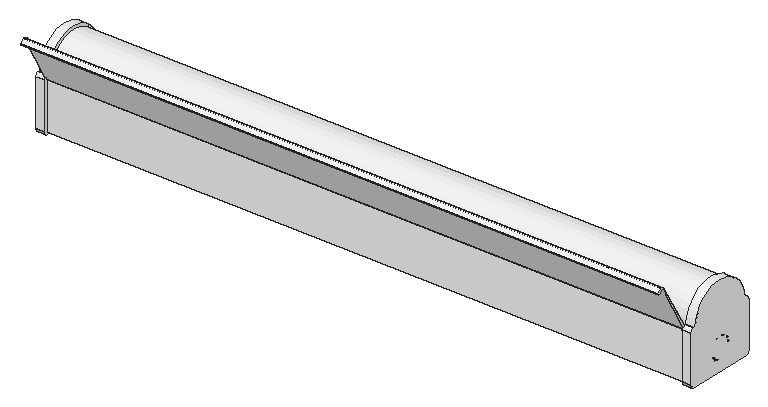
Revit family "0045195+0045232 Feilo Sylvania Lighting Fixture SYLBATTEN LED2 6000K DALI TP5 with ASYMMETRIC REFLECTOR ACCESSORY 600MM", category Lighting Fixtures, host Face, Revit 2017
Family settings
  Host = Face
  Round Connector Dimension = Use Diameter
  Part Type = Normal
  OmniClass Number = 23.80.70.00
  OmniClass Title = Lighting
  Cut with Voids When Loaded = No
  Light Source = Yes
  Shared = No
  Room Calculation Point = No
Parameters (values of type "0045195 SYLBATTEN LED2 6000K DALI TP5")
  Width_FEILO = 66 mm
  Weight = "1.5 kg"
  Wattage Comments = "n/a"
  Wattage = 22 W
  WarrantyStartDate [instance] = "n/a"
  WarrantyGuarantorParts = "n/a"
  WarrantyDurationUnit = "n/a"
  WarrantyDurationParts = "n/a"
  WarrantyDescription = "n/a"
  built-in parameter 1150110 = 1 (stored number, unit not read)
  Voltage = 230 V
  URL = "http://www.sylvania-lighting.com"
  TypeName = "SYLBATTEN LED2 6000K DALI TP5"
  Type Image = <None>
  Type Comments = "n/a"
  built-in parameter 1114217 = 1 (stored number, unit not read)
  Tilt Angle = -90.00°
  built-in parameter 1150109 = 1 (stored number, unit not read)
  built-in parameter 1150134 = 5
  SymReflector_FEILO = no
  built-in parameter 1150113 = 1 (stored number, unit not read)
  SerialNumber [instance] = "n/a"
  PowerFactor = 0
  PowerConsumption = "22 W"
  Photometric Web File = "0045195+0045232.ies"
  NominalLength = 605 mm
  NominalHeight = 76 mm
  NominalDepth = 66 mm
  Name = "SYLBATTEN LED2 6000K DALI TP5"
  ModelReference = Name  # "SYLBATTEN LED2 6000K DALI TP5"
  ModelNumber = "0045195"
  Model = Name  # "SYLBATTEN LED2 6000K DALI TP5"
  Material_4_FEILO = Reflector-Sylvania-Sylbatten-White
  Material_3_FEILO = Diffuser-Sylvania-Sylbatten-Glow
  Material_2_FEILO = Body-Sylvania-Sylbatten-White
  Material_1_FEILO = Body-Sylvania-Sylbatten-White
  Material = "sheet steel housing, polycarbonate diffuser"
  ManufacturerName = "Feilo Sylvania"
  Manufacturer = "Feilo Sylvania"
  LuminousEfficacy = "110.5 lm/W"
  built-in parameter 1150105 = 193.61 (stored number, unit not read)
  Lumens = 2432.98 lm
  LuminaireType = ""
  built-in parameter 1150115 = 1 (stored number, unit not read)
  LightOutputRatio = "100"
  built-in parameter 1150137 = (empty or 0)
  built-in parameter 1150139 = (empty or 0)
  Length_FEILO = 605 mm
  LampsType = Lamp  # "LED"
  LampNominalLuminous = "2433 lm"
  LampMacAdamStep = "n/a"
  LampColourTemperature = "6000 K"
  LampColourRenderingIndex = "80"
  built-in parameter 1150112 = 1 (stored number, unit not read)
  built-in parameter 1150114 = 1 (stored number, unit not read)
  Lamp = "LED"
  Keynote = "16500"
  InstallationDate [instance] = "n/a"
  InputVoltage = "220-240V~"
  InputNominalFrequency = "n/a"
  built-in parameter 1150132 = (empty or 0)
  built-in parameter 1150102 = (empty or 0)
  built-in parameter 1150107 = 6000 (stored number, unit not read)
  built-in parameter 1150138 = (empty or 0)
  IngressProtection = "IP20"
  ImpactProtectionIndex = "IK07"
  built-in parameter 1150106 = 1.9361 (stored number, unit not read)
  IfcExportType = "IfcLightFixtureType"
  IfcExportAs = "IfcLightFixtureType"
  Height_FEILO = 76 mm
  ExpectedLife = 50000
  Emit from Rectangle Width = Length_FEILO - 16 mm  # 589 mm
  Emit from Rectangle Length = Width_FEILO - 40 mm  # 26 mm
  Emit Shape Visible in Rendering = no
  ElectricShockClassification = "Class I"
  built-in parameter 1150104 = 10.274 (stored number, unit not read)
  DurationUnit = "hours"
  DocumentationLiterature = "http://www.sylvania-lighting.com/product/en-int/products/0045195"
  DimmingControlOptions = "Dimmable"
  Dimming Lamp Color Temperature Shift = <None>
  Description = "LED batten, T8 replacement, ease of installation through 2 part push-in design of the housing (safety cable included), through wiring capability (TP5 = 5 core), sheet steel, 2435LM, 22W, 111lm/W, 6000K, drive current: 350mA, CRI 80, 138° wide beam angle, DALI dimmable, IP20, IK07, 50,000 hrs (L70), (LxWxH) 605x66x76mm, 5 step MacAdam ellipse, 1.8kg, white RAL 9016, Class 1, 220-240V, energy class: A++, A+, A."
  Default Elevation = 1219.2 mm
  CreatedOn = "2/22/2018"
  CreatedBy = ""
  Cost = 0
  Color Filter = 16777215
  built-in parameter 1114216 [instance] = (empty or 0)
  ClassificationValue = "EF_70_80"
  ClassificationName = "Uniclass2015"
  CapOffset_FEILO = 2 mm
  BarCode [instance] = "n/a"
  built-in parameter 1114218 = 1 (stored number, unit not read)
  BackReflector_FEILO = and(not(AsymReflector_FEILO), SymReflector_FEILO)  # no
  built-in parameter 1150133 = 10 (stored number, unit not read)
  FrontReflector_FEILO = or(AsymReflector_FEILO, SymReflector_FEILO)  # yes
  AsymReflector_FEILO = yes
  AssetType = "Fixed"
  AssetIdentifier [instance] = "n/a"
  Assembly Code = "D5020200"
  Apparent Load = 22 VA
Reference planes
  plane 1 "Center (Front/Back)": y = 0
  plane 2: z = 0
  plane 3 "Center (Left/Right)": x = 0
  plane 4: x = 302.5
  plane 5: x = -302.5
  plane 6: y = 33
  plane 7: y = -33
  plane 8: z = 76
  plane 9: z = 47
  plane 10: y = -29
  plane 11: y = 29
  plane 12: z = 20
  plane 13: z = 74
  plane 14: y = -31
  plane 15: y = -27
  plane 16: y = 27
  plane 17: y = 31
  plane 18: z = 2
  plane 19: x = -294.5
  plane 20: x = 294.5
  plane 21: z = 49
  plane 22: y = 1
  plane 23: y = -1
  plane 24: z = 21
  plane 25: z = 19
  plane 26: y = -61
  plane 27: y = 61
  plane 28: y = -56
  plane 29: y = 56
  plane 30: z = 91
  plane 31: z = 88
Forms (mm)
  Extrusion 1, solid, material "Body-Sylvania-Sylbatten-White" <- "Material_2_FEILO"
    sketch origin (0, 0, 0) x (0, 1, 0) y (0, 0, 1)
      loop
        line (-31, 2) -> (31, 2) -> (31, 45)
        arc (31, 45) -> (30.414, 46.414) -> (29, 47) r 2
        line (29, 47) -> (27, 47)
        arc (27, 47) -> (0, 74) -> (-27, 47) r 27
        line (-27, 47) -> (-29, 47)
        arc (-29, 47) -> (-30.414, 46.414) -> (-31, 45) r 2
        line (-31, 45) -> (-31, 2)
    from -294.5 to 294.5
  Extrusion 2, solid, material "Body-Sylvania-Sylbatten-White" <- "Material_2_FEILO"
    sketch origin (302.5, 1524, 1219.2) x (0, 1, 0) y (0, 0, 1)
      loop
        arc (-1494, -1219.2) -> (-1491.879, -1218.321) -> (-1491, -1216.2) r 3
        line (-1491, -1216.2) -> (-1491, -1173.2)
        arc (-1491, -1173.2) -> (-1491.879, -1171.079) -> (-1494, -1170.2) r 3
        line (-1494, -1170.2) -> (-1495.069, -1170.2)
        arc (-1495.069, -1170.2) -> (-1524, -1143.2) -> (-1552.931, -1170.2) r 29
        line (-1552.931, -1170.2) -> (-1554, -1170.2)
        arc (-1554, -1170.2) -> (-1556.121, -1171.079) -> (-1557, -1173.2) r 3
        line (-1557, -1173.2) -> (-1557, -1216.2)
        arc (-1557, -1216.2) -> (-1556.121, -1218.321) -> (-1554, -1219.2) r 3
        line (-1554, -1219.2) -> (-1494, -1219.2)
      loop
        arc (-1525, -1189.25) -> (-1531.071, -1192.129) -> (-1533.95, -1198.2) r 10
        line (-1533.95, -1198.2) -> (-1532.944, -1198.2)
        arc (-1532.944, -1198.2) -> (-1530.364, -1192.836) -> (-1525, -1190.256) r 9
        line (-1525, -1190.256) -> (-1525, -1189.25)
      loop
        arc (-1523, -1190.256) -> (-1517.636, -1192.836) -> (-1515.056, -1198.2) r 9
        line (-1515.056, -1198.2) -> (-1514.05, -1198.2)
        arc (-1514.05, -1198.2) -> (-1516.929, -1192.129) -> (-1523, -1189.25) r 10
        line (-1523, -1189.25) -> (-1523, -1190.256)
      loop
        line (-1532.944, -1200.2) -> (-1533.95, -1200.2)
        arc (-1533.95, -1200.2) -> (-1531.071, -1206.271) -> (-1525, -1209.15) r 10
        line (-1525, -1209.15) -> (-1525, -1208.144)
        arc (-1525, -1208.144) -> (-1530.364, -1205.564) -> (-1532.944, -1200.2) r 9
      loop
        arc (-1515.056, -1200.2) -> (-1517.636, -1205.564) -> (-1523, -1208.144) r 9
        line (-1523, -1208.144) -> (-1523, -1209.15)
        arc (-1523, -1209.15) -> (-1516.929, -1206.271) -> (-1514.05, -1200.2) r 10
        line (-1514.05, -1200.2) -> (-1515.056, -1200.2)
    from 0 to -8
  Extrusion 3, solid, material "Body-Sylvania-Sylbatten-White" <- "Material_2_FEILO"
    sketch origin (-302.5, 1524, 1219.2) x (0, 1, 0) y (0, 0, 1)
      loop
        arc (-1495.069, -1170.2) -> (-1524, -1143.2) -> (-1552.931, -1170.2) r 29
        line (-1552.931, -1170.2) -> (-1554, -1170.2)
        arc (-1554, -1170.2) -> (-1556.121, -1171.079) -> (-1557, -1173.2) r 3
        line (-1557, -1173.2) -> (-1557, -1216.2)
        arc (-1557, -1216.2) -> (-1556.121, -1218.321) -> (-1554, -1219.2) r 3
        line (-1554, -1219.2) -> (-1494, -1219.2)
        arc (-1494, -1219.2) -> (-1491.879, -1218.321) -> (-1491, -1216.2) r 3
        line (-1491, -1216.2) -> (-1491, -1173.2)
        arc (-1491, -1173.2) -> (-1491.879, -1171.079) -> (-1494, -1170.2) r 3
        line (-1494, -1170.2) -> (-1495.069, -1170.2)
      loop
        line (-1533.95, -1198.2) -> (-1532.944, -1198.2)
        arc (-1532.944, -1198.2) -> (-1530.364, -1192.836) -> (-1525, -1190.256) r 9
        line (-1525, -1190.256) -> (-1525, -1189.25)
        arc (-1525, -1189.25) -> (-1531.071, -1192.129) -> (-1533.95, -1198.2) r 10
      loop
        line (-1523, -1189.25) -> (-1523, -1190.256)
        arc (-1523, -1190.256) -> (-1517.636, -1192.836) -> (-1515.056, -1198.2) r 9
        line (-1515.056, -1198.2) -> (-1514.05, -1198.2)
        arc (-1514.05, -1198.2) -> (-1516.929, -1192.129) -> (-1523, -1189.25) r 10
      loop
        line (-1514.05, -1200.2) -> (-1515.056, -1200.2)
        arc (-1515.056, -1200.2) -> (-1517.636, -1205.564) -> (-1523, -1208.144) r 9
        line (-1523, -1208.144) -> (-1523, -1209.15)
        arc (-1523, -1209.15) -> (-1516.929, -1206.271) -> (-1514.05, -1200.2) r 10
      loop
        line (-1525, -1209.15) -> (-1525, -1208.144)
        arc (-1525, -1208.144) -> (-1530.364, -1205.564) -> (-1532.944, -1200.2) r 9
        line (-1532.944, -1200.2) -> (-1533.95, -1200.2)
        arc (-1533.95, -1200.2) -> (-1531.071, -1206.271) -> (-1525, -1209.15) r 10
    from 0 to 8
  Extrusion 4, solid, material "Reflector-Sylvania-Sylbatten-White" <- "Material_4_FEILO", visible <- "FrontReflector_FEILO"
    sketch origin (0, 0, 0) x (0, 1, 0) y (0, 0, 1)
      loop
        line (-61.257, 88.429) -> (-60.743, 87.571) -> (-56.621, 90.044)
        arc (-56.621, 90.044) -> (-56.237, 90.099) -> (-55.929, 89.863) r 0.5
        line (-55.929, 89.863) -> (-31.435, 46.753) -> (-30.565, 47.247) -> (-55.312, 90.802)
        arc (-55.312, 90.802) -> (-55.928, 91.275) -> (-56.696, 91.165) r 1
        line (-56.696, 91.165) -> (-61.257, 88.429)
    from -294.5 to 294.5
  Extrusion 5, solid, material "Reflector-Sylvania-Sylbatten-White" <- "Material_4_FEILO", visible <- "BackReflector_FEILO"
    sketch origin (0, 0, 0) x (0, 1, 0) y (0, 0, 1)
      loop
        line (30.565, 47.247) -> (31.435, 46.753) -> (55.932, 89.868)
        arc (55.932, 89.868) -> (56.245, 90.112) -> (56.638, 90.062) r 0.518
        line (56.638, 90.062) -> (61.033, 87.565) -> (61.527, 88.435) -> (56.682, 91.188)
        arc (56.682, 91.188) -> (55.922, 91.282) -> (55.318, 90.812) r 1
        line (55.318, 90.812) -> (30.565, 47.247)
    from -294.5 to 294.5
Lines and regions (mm)
  reference lines
    curve 1: line (0, -61, 88) -> (0, -56, 91)
    curve 2: line (0, -56, 91) -> (0, -31, 47)
    curve 3: line (0, 31, 47) -> (0, 56, 91)
    curve 4: line (0, 56, 91) -> (0, 61.28, 88)
Dimensions and locks
  equal spacing: plane 5, plane 3 "Center (Left/Right)", plane 4
  equal spacing: plane 7, plane 1 "Center (Front/Back)", plane 6
  "Width_FEILO": plane 7 to plane 6
  "Length_FEILO": plane 5 to plane 4
  "Height_FEILO": plane 8 to plane 2
  locked: plane 9 to plane 8 at 29
  equal spacing: plane 10, plane 1 "Center (Front/Back)", plane 11
  locked: plane 7 to plane 10 at 4
  locked: plane 12 to plane 2 at 20
  "CapOffset_FEILO": plane 13 to plane 8
  "CapOffset_FEILO": plane 7 to plane 14
  "CapOffset_FEILO": plane 10 to plane 15
  "CapOffset_FEILO": plane 17 to plane 6
  "CapOffset_FEILO": plane 16 to plane 11
  "CapOffset_FEILO": plane 18 to plane 2
  locked: plane 14 to Extrusion 1 sketch curve at 2
  locked: Extrusion 1 sketch curve to plane 9 at 2  (x2)
  locked: plane 16 to Extrusion 1 sketch curve at 2
  equal spacing: plane 19, plane 3 "Center (Left/Right)", plane 20
  locked: plane 5 to plane 19 at 8
  "CapOffset_FEILO": plane 9 to plane 21
  locked: Extrusion 2 sketch curve to plane 2 at 47
  locked: Extrusion 1 sketch curve to plane 2 at 47
  locked: Extrusion 2 sketch curve to plane 2 at 3  (x2)
  locked: plane 7 to Extrusion 2 sketch curve at 3  (x2)
  locked: Extrusion 2 sketch curve to plane 6 at 3  (x2)
  locked: Extrusion 2 sketch curve to plane 21 at 3  (x2)
  equal spacing: plane 23, plane 1 "Center (Front/Back)", plane 22
  equal spacing: plane 25, plane 12, plane 24
  plane 30 to plane 31 to plane 2 = 3 mm locked, 88 mm locked
  plane 28 to plane 29 = 112 mm
  plane 26 to plane 27 = 122 mm
  aligned and locked: plane 2 to host face
  aligned and locked: level to host face
  aligned and locked: plane 18 to Extrusion 1 sketch curve
  aligned and locked: plane 14 to Extrusion 1 sketch curve
  aligned and locked: Extrusion 1 sketch curve to plane 9  (x2)
  aligned and locked: Extrusion 1 sketch curve to plane 17
  aligned and locked: plane 15 to Extrusion 1 sketch curve
  aligned and locked: plane 16 to Extrusion 1 sketch curve
  aligned and locked: plane 9 to Extrusion 1 sketch curve
  aligned and locked: plane 20 to Extrusion 1
  aligned and locked: level to Extrusion 2 sketch curve
  aligned and locked: Extrusion 2 sketch curve to plane 7
  aligned and locked: plane 21 to Extrusion 2 sketch curve
  aligned and locked: Extrusion 2 sketch curve to plane 21
  aligned and locked: plane 1 "Center (Front/Back)" to Extrusion 2 sketch curve  (x3)
  aligned and locked: Extrusion 2 to Extrusion 1
  aligned and locked: plane 4 to Extrusion 2
  aligned and locked: plane 12 to Extrusion 2 sketch curve  (x2)
  aligned and locked: Extrusion 2 sketch curve to plane 22
  aligned and locked: Extrusion 2 sketch curve to plane 23
  aligned and locked: Extrusion 2 sketch curve to plane 24
  aligned and locked: Extrusion 2 sketch curve to plane 25
  aligned and locked: plane 25 to Extrusion 2 sketch curve
  aligned and locked: plane 22 to Extrusion 2 sketch curve
  aligned and locked: plane 24 to Extrusion 2 sketch curve
  aligned and locked: plane 23 to Extrusion 2 sketch curve  (x2)
  aligned and locked: Extrusion 3 sketch curve to Extrusion 2  (x22)
  aligned and locked: Extrusion 3 to Extrusion 1
  aligned and locked: Extrusion 3 to plane 5
  aligned and locked: plane 19 to Extrusion 3
  aligned and locked: plane 31 to curve 1
  aligned and locked: plane 30 to curve 1
  aligned and locked: plane 14 to curve 2
  aligned and locked: plane 9 to curve 2
  aligned and locked: plane 17 to curve 3
  aligned and locked: plane 30 to curve 3
  aligned and locked: plane 31 to curve 4
  aligned and locked: Extrusion 4 sketch curve to curve 2
  aligned and locked: Extrusion 4 sketch curve to curve 1
  aligned and locked: Extrusion 4 to Extrusion 1
  aligned and locked: Extrusion 1 to Extrusion 4
  aligned and locked: imposter light to plane 1 "Center (Front/Back)"
  aligned and locked: imposter light to plane 3 "Center (Left/Right)"
  aligned and locked: imposter light to plane 13
  aligned and locked: Extrusion 5 sketch curve to curve 4
  aligned and locked: Extrusion 5 sketch curve to curve 3
  aligned and locked: Extrusion 1 to Extrusion 5
  aligned and locked: Extrusion 5 to Extrusion 1
Automatic sketch dimensions
  host sketch curve to host sketch curve = 2438.4 mm  (x2)
  Extrusion 2 sketch curve to Extrusion 2 sketch curve = 0 mm  (x14)
  Extrusion 2 sketch curve to plane 10 = 0.069 mm
  plane 23 to Extrusion 2 sketch curve = 8.95 mm
  Extrusion 2 sketch curve to Extrusion 2 sketch curve = 1.006 mm  (x4)
  Extrusion 2 sketch curve to plane 22 = 7.944 mm
  curve 1 to plane 26 = 0 mm
  curve 2 to plane 28 = 0 mm
  curve 4 to plane 29 = 0 mm
  plane 9 to curve 3 = 0 mm
  plane 26 to Extrusion 4 sketch curve = 0.257 mm
  Extrusion 4 sketch curve to plane 26 = 0.257 mm
  Extrusion 4 sketch curve to plane 30 = 0.165 mm
  plane 28 to Extrusion 4 sketch curve = 0.696 mm
  plane 28 to Extrusion 4 sketch curve = 0.621 mm
  plane 28 to Extrusion 4 sketch curve = 0.364 mm
  plane 28 to Extrusion 4 sketch curve = 0.182 mm
  Extrusion 4 sketch curve to plane 28 = 0.071 mm
  plane 30 to Extrusion 4 sketch curve = 0.198 mm
  Extrusion 4 sketch curve to plane 28 = 0.688 mm
  plane 9 to Extrusion 4 sketch curve = 0.247 mm
  plane 1 "Center (Front/Back)" to Extrusion 4 sketch curve = 31.435 mm
  Extrusion 5 sketch curve to plane 9 = 0.247 mm
  Extrusion 5 sketch curve to plane 1 "Center (Front/Back)" = 30.565 mm
  plane 9 to Extrusion 5 sketch curve = 0.247 mm
  plane 30 to Extrusion 5 sketch curve = 0.188 mm
  plane 29 to Extrusion 5 sketch curve = 0.068 mm
  Extrusion 5 sketch curve to plane 29 = 0.188 mm
  Extrusion 5 sketch curve to plane 29 = 0.382 mm
  Extrusion 5 sketch curve to Extrusion 5 sketch curve = 0.256 mm
  Extrusion 5 sketch curve to plane 30 = 0.188 mm
  Extrusion 5 sketch curve to plane 29 = 0.682 mm
  Extrusion 5 sketch curve to plane 27 = 0.033 mm
  Extrusion 5 sketch curve to plane 27 = 0.527 mm
Connectors
  electrical at (0, 0, 0), driven by "Apparent Load", driven by "PowerFactor", driven by "Voltage"
    settings: index 1, voltage 230 V, apparent load 22 VA, apparent load phase1 0 VA, apparent load phase2 0 VA, apparent load phase3 0 VA, power factor 0, load classification "Lighting", number of poles 1, system type 30, power factor state 1, is connector primary yes, connector utility no, sub classification motor no, connector description ""
